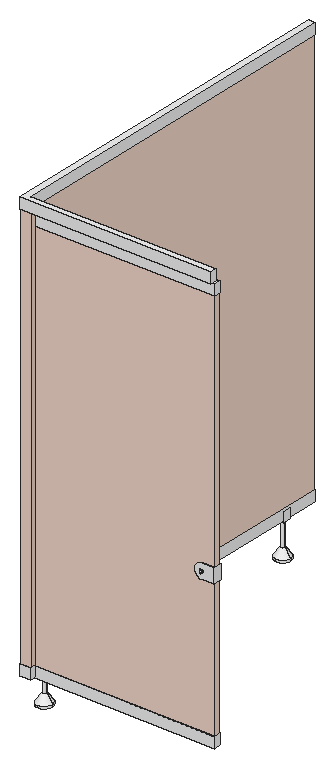
Revit family
Parameters
  가시성 - 배치 선 = yes
  가시성 - 문 RHS = no
  가시성 - 문 LHS = yes
  가시성 - 큐비클 다리 = yes
  상단 프레임 깊이 = 45 mm
  배관 덕트 깊이 = 300 mm
  재료 큐비클 패널 = 화장실 큐비클 패널
  재료 큐비클 프레임 = 화장실 큐비클 프레임
  재료 큐비클 피트 = 화장실 큐비클 피트
  Keynote = "K32"
  핸들 장착 높이 = 800 mm
  문 폭 = 큐비클 폭 - 65 mm  # 755 mm
  문 헤드 간격 = 10 mm
  큐비클 폭 = 큐비클 순폭 + 큐비클 패널 두께  # 820 mm
  큐비클 패널 두께 = 20 mm
  큐비클 높이 = 1800 mm
  큐비클 깊이 = 1500 mm
  큐비클 순폭 = 800 mm
  하단 프레임 깊이 = 45 mm
  베이스 간격띄우기 = 150 mm
Reference planes
  plane 1 "중심(앞/뒤)": y = 0
  plane 2: z = 0
  plane 3 "중심(왼쪽/오른쪽)": x = -12.069
  plane 4: x = -422.069
  plane 5: x = 397.931
  plane 6: y = -1800
  plane 7: y = -300
  plane 8: z = 150
  plane 9: z = 1950
  plane 10: x = -389.569
  plane 11: x = 365.431
  plane 12: z = 1905
  plane 13: z = 1895
  plane 14: x = -454.569
  plane 15: x = 430.431
  plane 16: y = -450
  plane 17: y = -1700
  plane 18: z = 800
  plane 19: z = 195
Forms (mm)
  Extrusion 1, solid, material "화장실 큐비클 프레임" <- "재료 큐비클 프레임"
    sketch origin (0, -300, 0) x (1, 0, 0) y (0, 0, 1)
      loop
        line (-435.069, 1905) -> (-409.069, 1905) -> (-409.069, 1950) -> (-435.069, 1950) -> (-435.069, 1905)
      loop
        line (-435.069, 195) -> (-435.069, 150) -> (-409.069, 150) -> (-409.069, 195) -> (-435.069, 195)
    from 0 to 1513
  Extrusion 2, solid, material "화장실 큐비클 프레임" <- "재료 큐비클 프레임"
    sketch origin (142.5, 0, 1950) x (0, -1, 0) y (-1, 0, 0)
      loop
        line (1813, 551.569) -> (1787.295, 551.569) -> (1787.295, -222.931) -> (1813, -222.931) -> (1813, 551.569)
    from 0 to 45
  Extrusion 3, solid, material "화장실 큐비클 프레임" <- "재료 큐비클 프레임"
    sketch origin (0, 0, 1950) x (0, -1, 0) y (-1, 0, 0)
      loop
        line (1813, 409.069) -> (1787.25, 409.069) -> (1787.25, 389.569) -> (1813, 389.569) -> (1813, 409.069)
    from 1755 to 1800
  Sweep 4, solid, material "화장실 큐비클 패널" <- "재료 큐비클 패널"
    path origin (0, 0, 0) x (1, 0, 0) y (0, 1, 0)
      loop
        line (-422.069, -300) -> (-422.069, -1800) -> (-389.569, -1800)
    profile origin (-422.069, -1050, 0) x (1, 0, 0) y (0, 0, 1)
      loop
        line (-10, 195) -> (10, 195) -> (10, 1905) -> (-10, 1905) -> (-10, 195)
Cuts and joins
  joined: Extrusion 1, Extrusion 2, Extrusion 3
Lines and regions (mm)
  symbolic lines, style "화장실 큐비클", visible <- "가시성 - 배치 선"
    curve 1: line (-422.069, -300, 0) -> (397.931, -300, 0)
    curve 2: line (397.931, -300, 0) -> (397.931, -1800, 0)
  symbolic lines
    curve 3: line (-422.069, -300, 0) -> (-422.069, -1800, 0)
    curve 4: line (-422.069, -1800, 0) -> (397.931, -1800, 0)
Dimensions and locks
  equal spacing: plane 4, plane 3 "중심(왼쪽/오른쪽)", plane 5
  "큐비클 폭": plane 4 to plane 5
  "배관 덕트 깊이": plane 7 to plane 1 "중심(앞/뒤)"
  "큐비클 깊이": plane 6 to plane 7
  "베이스 간격띄우기": plane 8 to level
  "큐비클 높이": plane 9 to plane 8
  equal spacing: plane 10, plane 3 "중심(왼쪽/오른쪽)", plane 11
  "문 폭": plane 10 to plane 11
  "상단 프레임 깊이": plane 9 to plane 12
  "문 헤드 간격": plane 12 to plane 13
  equal spacing: plane 14, plane 4, plane 10
  equal spacing: plane 11, plane 5, plane 15
  plane 16 to plane 7 = 150 mm
  plane 6 to plane 17 = 100 mm
  "핸들 장착 높이": plane 18 to level
  "하단 프레임 깊이": plane 19 to plane 8
  equal spacing: Sweep 4 sketch curve, nested 3, Sweep 4 sketch curve
  "큐비클 패널 두께": Sweep 4 sketch curve to Sweep 4 sketch curve
  aligned and locked: plane 16 to nested 1
  aligned and locked: nested 1 to plane 4
  aligned and locked: nested 2 to plane 4
  aligned and locked: plane 17 to nested 2
  aligned and locked: Extrusion 2 to plane 9
  aligned and locked: plane 12 to Extrusion 2
  aligned and locked: Extrusion 2 sketch curve to plane 11
  aligned and locked: plane 8 to Extrusion 3
  aligned and locked: nested 3 to plane 13
  aligned and locked: Extrusion 2 to cut or joined group of Extrusion 1, Extrusion 2, Extrusion 3
  aligned and locked: plane 6 to nested 3
  aligned and locked: nested 3 to plane 3 "중심(왼쪽/오른쪽)"
  aligned and locked: curve 1 to cut or joined group of Extrusion 1, Extrusion 2, Extrusion 3
  aligned and locked: plane 5 to curve 2
  aligned and locked: Extrusion 1 sketch curve to plane 19
  aligned and locked: plane 19 to cut or joined group of Extrusion 1, Extrusion 2, Extrusion 3
  aligned and locked: plane 4 to Sweep 4 sketch curve
  aligned and locked: nested 3 to Sweep 4 sketch curve
  aligned and locked: plane 6 to Sweep 4 sketch curve
  aligned and locked: Sweep 4 to plane 12
  aligned and locked: Sweep 4 sketch curve to plane 19
  aligned and locked: Sweep 4 sketch curve to plane 12
  aligned and locked: cut or joined group of Extrusion 1, Extrusion 2, Extrusion 3 to cut or joined group of Extrusion 1, Extrusion 2, Extrusion 3
Automatic sketch dimensions
  Extrusion 1 sketch curve to plane 8 = 0 mm
  Extrusion 1 sketch curve to plane 12 = 0 mm
  Extrusion 1 sketch curve to plane 9 = 0 mm
  Extrusion 2 sketch curve to plane 6 = 12.705 mm
  plane 6 to Extrusion 2 sketch curve = 13 mm
  Extrusion 2 sketch curve to Extrusion 2 sketch curve = 774.5 mm
  Extrusion 3 sketch curve to plane 10 = 0 mm
  plane 6 to Extrusion 3 sketch curve = 13 mm
  Extrusion 3 sketch curve to plane 4 = 13 mm
  plane 4 to Extrusion 1 sketch curve = 13 mm  (x2)
  Extrusion 1 sketch curve to plane 4 = 13 mm  (x2)
  Extrusion 3 sketch curve to plane 6 = 12.75 mm
  Sweep 4 sketch curve to plane 7 = 0 mm
  curve 4 to plane 4 = 0 mm
  curve 4 to plane 6 = 0 mm
Nested families
  nested 1: "화장실 큐비클 다리" at (-422.069, -450, 0), type "화장실 큐비클 다리"
  nested 2: "화장실 큐비클 다리" at (-422.069, -1700, 0), type "화장실 큐비클 다리"
  nested 3: "UK_화장실 문" at (-10, 0, 0), 큐비클 폭 <- "큐비클 폭", type "끝/코너 큐비클"
    with 문 폭 755 mm, 큐비클 폭 820 mm
Definition of nested family "화장실 큐비클 다리"
  Parameters
    가시성 - 큐비클 다리 = yes
    칸막이 두께 = 20 mm
    재료 다리 = 금속 - 알루미늄
    피트 높이 = 150 mm
  Reference planes
    plane 1 "중심(앞/뒤)": y = 0
    plane 2: z = 0
    plane 3 "중심(왼쪽/오른쪽)": x = 0
    plane 4: z = 150
    plane 5: x = -10
    plane 6: x = 10
  Forms (mm)
    Revolve 1, solid, material "금속 - 알루미늄" <- "재료 다리", visible <- "가시성 - 큐비클 다리"
      sketch origin (0, 0, 0) x (1, 0, 0) y (0, 0, 1)
        loop
          line (-7.5, 145) -> (-7.5, 43.57) -> (-32.943, 7.234) -> (-32.943, 0) -> (0, 0) -> (0, 145) -> (-7.5, 145)
        axis (0, 0) -> (0, 145)
      angle from 0 to 360
    Extrusion 2, solid, material "금속 - 알루미늄" <- "재료 다리", visible <- "가시성 - 큐비클 다리"
      sketch origin (0, 0, 0) x (1, 0, 0) y (0, 0, 1)
        loop
          line (15, 145) -> (15, 185) -> (10, 185) -> (10, 150) -> (-10, 150) -> (-10, 185) -> (-15, 185) -> (-15, 145) -> (15, 145)
      from 15 to -15
  Dimensions and locks
    "피트 높이": plane 4 to plane 2
    "칸막이 두께": plane 6 to plane 5
    equal spacing: plane 6, plane 3 "중심(왼쪽/오른쪽)", plane 5
    aligned and locked: plane 6 to Extrusion 2 sketch curve
    aligned and locked: plane 5 to Extrusion 2 sketch curve
  Automatic sketch dimensions
    Revolve 1 sketch curve to level = 0 mm
    Revolve 1 sketch curve to plane 3 "중심(왼쪽/오른쪽)" = 0 mm  (x2)
    Revolve 1 sketch curve to plane 3 "중심(왼쪽/오른쪽)" = 7.5 mm
    Revolve 1 sketch curve to plane 3 "중심(왼쪽/오른쪽)" = 32.943 mm
    Revolve 1 sketch curve to level = 60 mm
    Revolve 1 sketch curve to Revolve 1 sketch curve = 7.234 mm
    level to Revolve 1 sketch curve = 43.57 mm
    plane 4 to Revolve 1 sketch curve = 5 mm
    Revolve 1 sketch curve to plane 4 = 65 mm
    Extrusion 2 sketch curve to plane 4 = 0 mm
    Extrusion 2 sketch curve to Extrusion 2 sketch curve = 5 mm  (x2)
    plane 4 to Extrusion 2 sketch curve = 5 mm
    Extrusion 2 sketch curve to Extrusion 2 sketch curve = 35 mm
    Extrusion 2 sketch curve to Extrusion 2 sketch curve = 0 mm
Definition of nested family "UK_화장실 문"
  Parameters (values of type "끝/코너 큐비클")
    가시성 - 문 RHS = no
    가시성 - 문 LHS = yes
    상단 프레임 깊이 = 45 mm
    재료 큐비클 패널 = 화장실 큐비클 패널
    재료 큐비클 프레임 = 화장실 큐비클 프레임
    재료 큐비클 피트 = 화장실 큐비클 피트
    핸들 장착 높이 = 800 mm
    문 폭 [instance] = 큐비클 폭 - 65 mm  # 735 mm
    문 헤드 간격 = 10 mm
    큐비클 폭 [instance] = 800 mm
    큐비클 패널 두께 = 20 mm
    큐비클 높이 = 1800 mm
    큐비클 깊이 = 1500 mm
    하단 프레임 깊이 = 45 mm
    베이스 간격띄우기 = 150 mm
  Types (4, lengths in mm): name | 문 폭 | 큐비클 폭
    (no name) | 735 | 800
    끝/코너 큐비클 | 735 | 800
    중간 큐비클 | 785 | 850
    큐비클 인접 벽 | 785 | 850
  Reference planes
    plane 1: z = 0
    plane 2 "중심(왼쪽/오른쪽)": x = -2.069
    plane 3: x = -402.069
    plane 4: x = 397.931
    plane 5 "큐비클 앞면": y = -1800
    plane 6: z = 150
    plane 7: z = 1950
    plane 8: x = -369.569
    plane 9: x = 365.431
    plane 10: z = 1905
    plane 11: z = 1895
    plane 12: z = 195
    plane 13: x = -434.569
    plane 14: x = 430.431
    plane 15: z = 800
    plane 16: y = -1780
  Forms (mm)
    Extrusion 1, solid, material "화장실 큐비클 프레임" <- "재료 큐비클 프레임"
      sketch origin (-2.069, 0, 0) x (0, 1, 0) y (0, 0, 1)
        loop
          line (-1793, 1850) -> (-1767, 1850) -> (-1767, 1895) -> (-1793, 1895) -> (-1793, 1850)
        loop
          line (-1793, 195) -> (-1793, 150) -> (-1767, 150) -> (-1767, 195) -> (-1793, 195)
      from 367.5 to -367.5
    Extrusion 2, solid, material "화장실 큐비클 패널" <- "재료 큐비클 패널"
      sketch origin (0, 0, 0) x (1, 0, 0) y (0, 1, 0)
        loop
          line (-369.569, -1790) -> (365.431, -1790) -> (365.431, -1770) -> (-369.569, -1770) -> (-369.569, -1790)
      from 195 to 1850
  Lines and regions (mm)
    symbolic lines, visible <- "가시성 - 문 LHS"
      curve 1: line (-369.569, -1767, 0) -> (-369.569, -1032, 0)
      curve 2: arc (365.431, -1767, 0) -> (150.155, -1247.277, 0) -> (-369.569, -1032, 0) r 735
    symbolic lines, visible <- "가시성 - 문 RHS"
      curve 3: line (365.431, -1767, 0) -> (365.431, -1032, 0)
      curve 4: arc (-369.569, -1767, 0) -> (-154.292, -1247.277, 0) -> (365.431, -1032, 0) r 735
  Dimensions and locks
    equal spacing: plane 3, plane 2 "중심(왼쪽/오른쪽)", plane 4
    "큐비클 폭": plane 3 to plane 4
    "베이스 간격띄우기": plane 6 to level
    "큐비클 높이": plane 7 to plane 6
    equal spacing: plane 8, plane 2 "중심(왼쪽/오른쪽)", plane 9
    "문 폭": plane 8 to plane 9
    "상단 프레임 깊이": plane 7 to plane 10
    "문 헤드 간격": plane 10 to plane 11
    "하단 프레임 깊이": plane 12 to plane 6
    equal spacing: plane 13, plane 3, plane 8
    equal spacing: plane 9, plane 4, plane 14
    "핸들 장착 높이": plane 15 to level
    "큐비클 패널 두께": plane 5 "큐비클 앞면" to plane 16
    equal spacing: Extrusion 2, plane 16, Extrusion 2
    "큐비클 패널 두께": Extrusion 2 to Extrusion 2
    locked: Extrusion 1 sketch curve to Extrusion 2 at 3  (x2)
    locked: Extrusion 2 to Extrusion 1 sketch curve at 3  (x2)
    aligned and locked: curve 2 to plane 8
    aligned and locked: plane 15 to nested 2
    aligned and locked: nested 1 to plane 9
    aligned and locked: nested 2 to plane 8
    aligned and locked: plane 16 to nested 1
    aligned and locked: nested 2 to plane 16
    aligned and locked: Extrusion 1 sketch curve to plane 11
    aligned and locked: Extrusion 1 to plane 9
    aligned and locked: plane 8 to Extrusion 1
    aligned and locked: Extrusion 2 to Extrusion 1
    aligned and locked: plane 12 to Extrusion 2
    aligned and locked: plane 8 to Extrusion 2
    aligned and locked: Extrusion 2 to plane 9
    aligned and locked: curve 1 to plane 8
    aligned and locked: curve 3 to plane 9
  Automatic sketch dimensions
    curve 1 to plane 5 "큐비클 앞면" = 33 mm
    curve 2 to curve 1 = 0 mm
    Extrusion 1 sketch curve to plane 6 = 0 mm
    Extrusion 1 sketch curve to plane 12 = 0 mm
    plane 11 to Extrusion 1 sketch curve = 45 mm
    Extrusion 2 sketch curve to plane 16 = 10 mm
    Extrusion 2 sketch curve to plane 8 = 0 mm
    plane 9 to Extrusion 2 sketch curve = 0 mm
    Extrusion 2 sketch curve to plane 5 "큐비클 앞면" = 10 mm
  Nested families
    nested 1: "화장실 큐비클 핸들" at (365.431, -1779.907, 0), visible <- "가시성 - 문 LHS", type "화장실 큐비클 핸들"
    nested 2: "화장실 큐비클 핸들" at (-369.569, -1779.907, -0.091) x (-1, 0, 0) z (0, 0, 1), visible <- "가시성 - 문 RHS", type "화장실 큐비클 핸들"
  Definition of nested family "화장실 큐비클 핸들"
    Parameters
      패널 두께 = 20 mm
      재료  핸들 = none
      핸들 Z = 800 mm
      핸들 X = 50 mm
    Reference planes
      plane 1 "중심(앞/뒤)": y = -0.093
      plane 2: z = 0
      plane 3 "중심(왼쪽/오른쪽)": x = 0
      plane 4: z = 800
      plane 5: x = -50
      plane 6: y = -10.093
      plane 7: y = 9.907
    Forms (mm)
      Extrusion 1, solid, material <- "재료  핸들"
        sketch origin (0, -0.093, 0) x (1, 0, 0) y (0, 0, 1)
          loop
            line (0, 770) -> (0, 830.183) -> (-49.948, 830.183)
            arc (-49.948, 830.183) -> (-80.039, 800.091) -> (-49.948, 770) r 30.091
            line (-49.948, 770) -> (0, 770)
          loop
            circle (-49.948, 800.091) r 10
        from -18 to 18
    Dimensions and locks
      "핸들 X": plane 5 to plane 3 "중심(왼쪽/오른쪽)"
      "핸들 Z": plane 4 to level
      equal spacing: plane 7, plane 1 "중심(앞/뒤)", plane 6
      "패널 두께": plane 6 to plane 7
      locked: Extrusion 1 to plane 7 at 8
      locked: Extrusion 1 to plane 6 at 8
    Automatic sketch dimensions
      Extrusion 1 sketch curve to Extrusion 1 sketch curve = 0 mm  (x2)
      Extrusion 1 sketch curve to plane 3 "중심(왼쪽/오른쪽)" = 0 mm
      Extrusion 1 sketch curve to plane 5 = 0.052 mm
      plane 4 to Extrusion 1 sketch curve = 30 mm
      Extrusion 1 sketch curve to plane 4 = 0.091 mm
      radius of Extrusion 1 sketch curve = 10 mm
